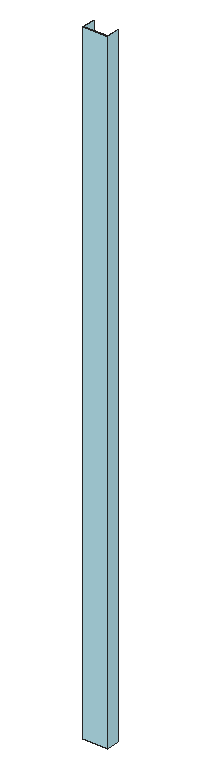
Revit family "c40x20x1-2", category 機械設備, Revit 2022
Family settings
  丸型コネクタ寸法 = 直径を使用
  種別 = なし
  パーツ タイプ = 標準
  作業面ベース = いいえ
  常に垂直 = はい
  ロード時にボイドで切り取り = いいえ
  注釈の向きを維持 = いいえ
  共有 = いいえ
  部屋計算ポイント = いいえ
Parameters
  製造元 = "株式会社桐井製作所"
  既定の高さ = 0 mm
  URL = "https://www.kirii.co.jp/"
  K_長さ(mm) [instance] = 1000 mm
  K_外形寸法(mm) = "40×20×1.2"
  K_品名 = "チャンネルC-40×20×1.2(折曲加工)"
  K_名称 = "斜め部材(ブレース材)"
  K_バージョン情報 = "20211216"
Reference planes
  plane 1 "中心(正面/背面)": y = 0
  plane 2: z = 0
  plane 3 "中心(左/右)": x = 0
  plane 4: x = 20
  plane 5: x = -20
  plane 6: z = 1000
Forms (mm)
  Extrusion 1, solid
    sketch origin (0, 1, 0) x (1, 0, 0) y (0, 1, 0)
      loop
        line (-20, 19) -> (-20, -1) -> (20, -1) -> (20, 19) -> (18.8, 19) -> (18.8, 0.2) -> (-18.8, 0.2) -> (-18.8, 19) -> (-20, 19)
    from 0 to 1000
Dimensions and locks
  "K_長さ(mm)": plane 6 to plane 2
  aligned and locked: level to plane 2
  aligned and locked: plane 6 to Extrusion 1
Automatic sketch dimensions
  plane 1 "中心(正面/背面)" to Extrusion 1 sketch curve = 0 mm
  Extrusion 1 sketch curve to plane 5 = 0 mm
  Extrusion 1 sketch curve to plane 4 = 0 mm
  plane 5 to Extrusion 1 sketch curve = 1.2 mm
  Extrusion 1 sketch curve to plane 4 = 1.2 mm
  Extrusion 1 sketch curve to plane 1 "中心(正面/背面)" = 1.2 mm
  Extrusion 1 sketch curve to Extrusion 1 sketch curve = 18.8 mm  (x2)
